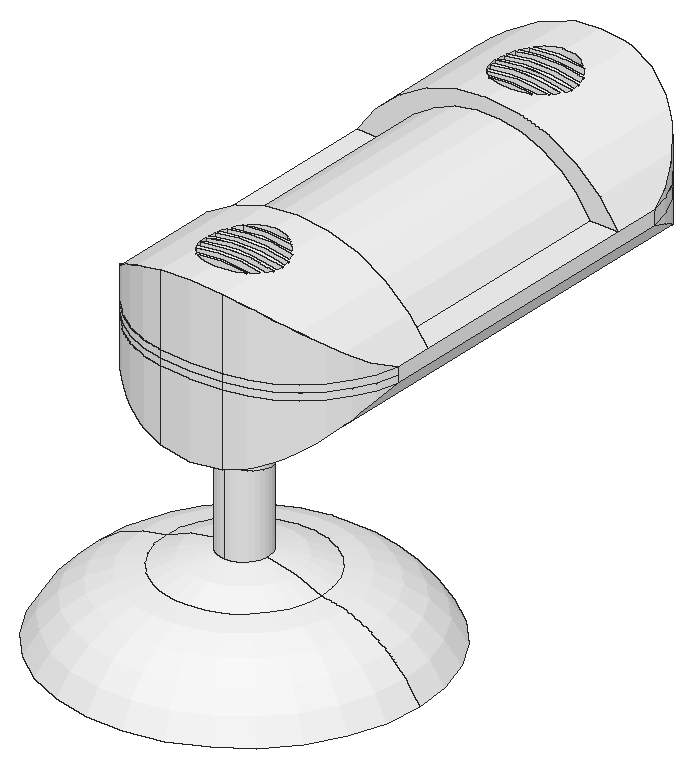
Revit family "3459A.1_NX_Wall_Mount_Occupancy_Sensors", category Communication Devices, host Face, Revit 2014
Parameters (values of type "NXOS")
  Warranty = "5-Years Warranty"  # constant formula
  Type Comments = "Wall Mount Occupancy Sensors\r"  # constant formula
  Product Page URL = "https://www.hubbell.com/hubbellcontrolsolutions/en/Products/Lighting-Controls/Lighting-Controls-Sensors/NX-Distributed-Intelligence-Lighting-Controls/NX-OccupancyVacancy-Sensors/p/220947"
  Product Documentation Link = "https://hubbellcdn.com/specsheet/3459A.1_NX_Wall_Mount_Occupancy_Sensors_Specification_Sheet.pdf"
  URL = "https://www.hubbell.com/hubbellcontrolsolutions/en"
  Power Requirements = "Powered by NX Room Controller using plenum rated CAT5 cables (ordered separately)"
  Patents = "U.S. Patents: 615129, 5946209, 5699243, 5640143, 6078253, D404326, 6222191, 5986357, 6759954\r\nPatent(s) Pending"
  Model = "NX Ceiling Mount Occupancy Sensors employ Passive Infrared\r\nand Ultrasonic sensing technologies to turn lighting on and off based\r\non occupancy"  # constant formula
  Manufacturer = "Hubbell Control Solutions"  # constant formula
  Sensing Element = Metal-Hubbell-Nickel
  Feartures = "• IntelliDAPT self-adaptive technology – no manual adjustment required\r\n• Occupancy or vacancy operation selectable per load when used with the\r\nNX Room Controller\r\n• All-digital sensor\r\n• Non-volatile memory for sensor settings\r\n• 500 to 2,500 square-foot coverage area (based on model)\r\n• Plug and play integration with NX Room Controller\r\n• UL and cUL listed\r\n• Low voltage device: 24 VDC"  # constant formula
  Description = "key component in a NX Network Lighting Control System, providing programmable switching and dimming control of the projects lighting circuits"  # constant formula
  Default Elevation = 48.00"
  Copyright = "Copyright © 2021 Hubbell Control Solutions"  # constant formula
  Contact Us = "https://www.hubbell.com/hubbellcontrolsolutions/en/contactUs?productId=220947"
  Housing Material = Paint - Hubbell - Matte White
  Certifications = "UL and cUL listed"
  Assembly Code = "D5090"
Reference planes (in)
  plane 1 "Center (Front/Back)": y = 11.68155
  plane 2: z = 0
  plane 3 "Center (Left/Right)": x = 0
  plane 4: x = -1.41
  plane 5: x = 1.41
  plane 6: z = 3.72
  plane 7: through (0.87749, -180, 1.95871) normal (0.7071, 0, 0.7071)
  plane 8: y = 9.86155
  plane 9: y = 13.50155
Forms (in)
  Revolve 1, solid, material "Paint - Hubbell - Matte White" <- "Housing Material"
    sketch origin (0, 11.68155, 0) x (1, 0, 0) y (0, 0, 1)
      loop
        line (0, 0) -> (1.82999, 0)
        arc (1.82999, 0) -> (1.40849, 0.4728) -> (0.81222, 0.68649) r 1.28372
        arc (0.81222, 0.68649) -> (0.41744, 0.82505) -> (0, 0.85337) r 1.55552
        line (0, 0.85337) -> (0, 0)
      axis (0, 0.85337) -> (0, 0)
    angle from 0 to 360
  Sweep 2, solid, material "Paint - Hubbell - Matte White" <- "Housing Material"
    path origin (0, 0, 0) x (0, 1, 0) y (0, 0, 1)
      loop
        line (11.68155, 0.85427) -> (11.68155, 1.68006) -> (12.02357, 2.61976)
    profile origin (0, 11.68155, 1.26717) x (0, -1, 0) y (1, 0, 0)
      loop
        circle (0, 0) r 0.25
Dimensions and locks (in)
  plane 4 to plane 5 = 2.82"
  plane 5 to plane 4 = 2.82"
  plane 6 to plane 2 = 3.72"
  aligned and locked: plane 2 to host face
  aligned and locked: level to host face
Nested families (in)
  nested 1: "Family1" at (0, 13.58283, 2.80957) x (-1, 0, 0) z (0, 0, 1), type "Family1"
Connectors (in)
  electrical at (0, 11.68155, 0)
    settings: on Revolve 1, index 1, voltage 0 V, apparent load 0 VA, apparent load phase1 0 VA, apparent load phase2 0 VA, apparent load phase3 0 VA, power factor 1, load classification "Other", number of poles 1, system type 13, power factor state 1, is connector primary yes, connector utility no, sub classification motor no, connector description "Wall Mount Occupancy Sensors"
Definition of nested family "Family1"
  Parameters (values of type "Family1")
    housing = Paint - Hubbell - Matte White
    Sensing material = Paint - Hubbell - Textured Camera Black
  Reference planes (in)
    plane 1 "Center (Front/Back)": y = 0
    plane 2: z = 0
    plane 3 "Center (Left/Right)": x = 0
    plane 4: x = -1.365
    plane 5: x = 1.365
    plane 6: y = 2.74
    plane 7: y = -2.74
    plane 8: z = 0.93
    plane 9: z = -0.93
  Forms (in)
    Extrusion 1, solid
      sketch origin (0, 0, 0) x (1, 0, 0) y (0, 1, 0)
        loop
          arc (-1.365, -1.74827) -> (-1.00674, -2.41289) -> (-0.32626, -2.74) r 1.22166
          arc (-0.32626, -2.74) -> (0, -2.76592) -> (0.32626, -2.74) r 2.06591
          arc (0.32626, -2.74) -> (1.00674, -2.41289) -> (1.365, -1.74827) r 1.22166
          line (1.365, -1.74827) -> (1.365, 1.73264)
          arc (1.365, 1.73264) -> (1.00674, 2.39726) -> (0.32626, 2.72437) r 1.22166
          arc (0.32626, 2.72437) -> (0, 2.7503) -> (-0.32626, 2.72437) r 2.06591
          arc (-0.32626, 2.72437) -> (-1.00674, 2.39726) -> (-1.365, 1.73264) r 1.22166
          line (-1.365, 1.73264) -> (-1.365, -1.74827)
      from -0.075 to 0.075
    Sweep 2, solid, material "Paint - Hubbell - Matte White" <- "housing"
      path origin (0, 0, 0) x (1, 0, 0) y (0, 1, 0)
        loop
          line (0, 2.75) -> (0, -2.75)
      profile origin (0, 0, 0) x (1, 0, 0) y (0, 0, 1)
        loop
          line (-1.365, 0.075) -> (1.365, 0.075)
          arc (1.365, 0.075) -> (0, 0.8515) -> (-1.365, 0.075) r 1.58801
    Extrusion 3, void
      sketch origin (0, 0, 0) x (1, 0, 0) y (0, 1, 0)
        loop
          line (-1.365, -1.74827) -> (-1.365, -2.84375) -> (1.365, -2.84375) -> (1.365, -1.74827)
          arc (1.365, -1.74827) -> (1.00674, -2.41289) -> (0.32626, -2.74) r 1.22166
          arc (0.32626, -2.74) -> (0, -2.76592) -> (-0.32626, -2.74) r 2.06591
          arc (-0.32626, -2.74) -> (-1.00674, -2.41289) -> (-1.365, -1.74827) r 1.22166
        loop
          arc (-1.365, 1.59202) -> (-1.00674, 2.25664) -> (-0.32626, 2.58375) r 1.22166
          arc (-0.32626, 2.58375) -> (0, 2.60967) -> (0.32626, 2.58375) r 2.06591
          arc (0.32626, 2.58375) -> (1.00674, 2.25664) -> (1.365, 1.59202) r 1.22166
          line (1.365, 1.59202) -> (1.365, 2.84375) -> (-1.365, 2.84375) -> (-1.365, 1.59202)
      from -0.93 to 0.93
    Extrusion 4, solid, material "Paint - Hubbell - Matte White" <- "housing"
      sketch origin (0, 0, 0) x (0, -1, 0) y (1, 0, 0)
        loop
          arc (1.74827, -1.365) -> (2.41289, -1.00674) -> (2.74, -0.32626) r 1.22166
          arc (2.74, -0.32626) -> (2.76592, 0) -> (2.74, 0.32626) r 2.06591
          arc (2.74, 0.32626) -> (2.41289, 1.00674) -> (1.74827, 1.365) r 1.22166
          line (1.74827, 1.365) -> (-1.73264, 1.365)
          arc (-1.73264, 1.365) -> (-2.39726, 1.00674) -> (-2.72437, 0.32626) r 1.22166
          arc (-2.72437, 0.32626) -> (-2.7503, 0) -> (-2.72437, -0.32626) r 2.06591
          arc (-2.72437, -0.32626) -> (-2.39726, -1.00674) -> (-1.73264, -1.365) r 1.22166
          line (-1.73264, -1.365) -> (1.74827, -1.365)
      from -0.075 to 0.075
    Sweep 5, solid, material "Paint - Hubbell - Matte White" <- "housing"
      path origin (0, 0, 0.075) x (0, -1, 0) y (1, 0, 0)
        loop
          line (-2.75, 0) -> (2.75, 0)
      profile origin (0, 0, 0.075) x (1, 0, 0) y (0, 0, 1)
        loop
          arc (-1.365, -0.15) -> (0, -0.9265) -> (1.365, -0.15) r 1.58801
          line (1.365, -0.15) -> (-1.365, -0.15)
    Extrusion 6, void
      sketch origin (0, 0, 0) x (0, -1, 0) y (1, 0, 0)
        loop
          line (1.74827, -1.365) -> (2.84375, -1.365) -> (2.84375, 1.365) -> (1.74827, 1.365)
          arc (1.74827, 1.365) -> (2.41289, 1.00674) -> (2.74, 0.32626) r 1.22166
          arc (2.74, 0.32626) -> (2.76592, 0) -> (2.74, -0.32626) r 2.06591
          arc (2.74, -0.32626) -> (2.41289, -1.00674) -> (1.74827, -1.365) r 1.22166
        loop
          arc (-1.59202, -1.365) -> (-2.25664, -1.00674) -> (-2.58375, -0.32626) r 1.22166
          arc (-2.58375, -0.32626) -> (-2.60967, 0) -> (-2.58375, 0.32626) r 2.06591
          arc (-2.58375, 0.32626) -> (-2.25664, 1.00674) -> (-1.59202, 1.365) r 1.22166
          line (-1.59202, 1.365) -> (-2.84375, 1.365) -> (-2.84375, -1.365) -> (-1.59202, -1.365)
      from 0 to 2.51239
    Sweep 7, void
      path origin (0, 0.21875, 0) x (1, 0, 0) y (0, 1, 0)
        loop
          line (0, 1) -> (0, -1.5)
      profile origin (0, -0.03125, 0) x (1, 0, 0) y (0, 0, 1)
        loop
          line (-1.365, 0.075) -> (-1.06382, 0.075)
          arc (-1.06382, 0.075) -> (0, 0.69868) -> (1.06382, 0.075) r 1.21913
          line (1.06382, 0.075) -> (1.365, 0.075)
          arc (1.365, 0.075) -> (0, 0.8515) -> (-1.365, 0.075) r 1.58801
    Extrusion 8, void
      sketch origin (0, 0, 0) x (1, 0, 0) y (0, 1, 0)
        loop
          line (-0.2626, 2.20128) -> (0.2626, 2.20128)
          arc (0.2626, 2.20128) -> (0, 2.29997) -> (-0.2626, 2.20128) r 0.39869
        loop
          arc (-0.29067, 2.17416) -> (-0.31897, 2.14048) -> (-0.34338, 2.10388) r 0.39869
          line (-0.34338, 2.10388) -> (0.34338, 2.10388)
          arc (0.34338, 2.10388) -> (0.31897, 2.14048) -> (0.29067, 2.17416) r 0.39869
          line (0.29067, 2.17416) -> (-0.29067, 2.17416)
        loop
          arc (-0.35988, 2.07286) -> (-0.3744, 2.03832) -> (-0.38561, 2.00258) r 0.39869
          line (-0.38561, 2.00258) -> (0.38561, 2.00258)
          arc (0.38561, 2.00258) -> (0.3744, 2.03832) -> (0.35988, 2.07286) r 0.39869
          line (0.35988, 2.07286) -> (-0.35988, 2.07286)
        loop
          arc (-0.39245, 1.97156) -> (-0.39713, 1.93656) -> (-0.39869, 1.90128) r 0.39869
          line (-0.39869, 1.90128) -> (0.39869, 1.90128)
          arc (0.39869, 1.90128) -> (0.39713, 1.93656) -> (0.39245, 1.97156) r 0.39869
          line (0.39245, 1.97156) -> (-0.39245, 1.97156)
        loop
          arc (-0.39748, 1.87025) -> (-0.39356, 1.8375) -> (-0.38694, 1.80518) r 0.39869
          line (-0.38694, 1.80518) -> (0.38694, 1.80518)
          arc (0.38694, 1.80518) -> (0.39356, 1.8375) -> (0.39748, 1.87025) r 0.39869
          line (0.39748, 1.87025) -> (-0.39748, 1.87025)
        loop
          arc (-0.37788, 1.77416) -> (-0.36291, 1.7362) -> (-0.34414, 1.69998) r 0.39869
          line (-0.34414, 1.69998) -> (0.34414, 1.69998)
          arc (0.34414, 1.69998) -> (0.36291, 1.7362) -> (0.37788, 1.77416) r 0.39869
          line (0.37788, 1.77416) -> (-0.37788, 1.77416)
        loop
          arc (-0.32677, 1.67286) -> (-0.29552, 1.63365) -> (-0.25959, 1.59867) r 0.39869
          line (-0.25959, 1.59867) -> (0.25959, 1.59867)
          arc (0.25959, 1.59867) -> (0.29552, 1.63365) -> (0.32677, 1.67286) r 0.39869
          line (0.32677, 1.67286) -> (-0.32677, 1.67286)
        loop
          arc (-0.22414, 1.57156) -> (0, 1.50259) -> (0.22414, 1.57156) r 0.39869
          line (0.22414, 1.57156) -> (-0.22414, 1.57156)
        loop
          arc (-0.2626, -2.20128) -> (0, -2.29997) -> (0.2626, -2.20128) r 0.39869
          line (0.2626, -2.20128) -> (-0.2626, -2.20128)
        loop
          line (-0.29067, -2.17416) -> (0.29067, -2.17416)
          arc (0.29067, -2.17416) -> (0.31897, -2.14048) -> (0.34338, -2.10388) r 0.39869
          line (0.34338, -2.10388) -> (-0.34338, -2.10388)
          arc (-0.34338, -2.10388) -> (-0.31897, -2.14048) -> (-0.29067, -2.17416) r 0.39869
        loop
          line (-0.35988, -2.07286) -> (0.35988, -2.07286)
          arc (0.35988, -2.07286) -> (0.3744, -2.03832) -> (0.38561, -2.00258) r 0.39869
          line (0.38561, -2.00258) -> (-0.38561, -2.00258)
          arc (-0.38561, -2.00258) -> (-0.3744, -2.03832) -> (-0.35988, -2.07286) r 0.39869
        loop
          line (-0.39245, -1.97156) -> (0.39245, -1.97156)
          arc (0.39245, -1.97156) -> (0.39713, -1.93656) -> (0.39869, -1.90128) r 0.39869
          line (0.39869, -1.90128) -> (-0.39869, -1.90128)
          arc (-0.39869, -1.90128) -> (-0.39713, -1.93656) -> (-0.39245, -1.97156) r 0.39869
        loop
          line (-0.39748, -1.87025) -> (0.39748, -1.87025)
          arc (0.39748, -1.87025) -> (0.39356, -1.8375) -> (0.38694, -1.80518) r 0.39869
          line (0.38694, -1.80518) -> (-0.38694, -1.80518)
          arc (-0.38694, -1.80518) -> (-0.39356, -1.8375) -> (-0.39748, -1.87025) r 0.39869
        loop
          line (-0.37788, -1.77416) -> (0.37788, -1.77416)
          arc (0.37788, -1.77416) -> (0.36291, -1.7362) -> (0.34414, -1.69998) r 0.39869
          line (0.34414, -1.69998) -> (-0.34414, -1.69998)
          arc (-0.34414, -1.69998) -> (-0.36291, -1.7362) -> (-0.37788, -1.77416) r 0.39869
        loop
          line (-0.32677, -1.67286) -> (0.32677, -1.67286)
          arc (0.32677, -1.67286) -> (0.29552, -1.63365) -> (0.25959, -1.59867) r 0.39869
          line (0.25959, -1.59867) -> (-0.25959, -1.59867)
          arc (-0.25959, -1.59867) -> (-0.29552, -1.63365) -> (-0.32677, -1.67286) r 0.39869
        loop
          line (-0.22414, -1.57156) -> (0.22414, -1.57156)
          arc (0.22414, -1.57156) -> (0, -1.50259) -> (-0.22414, -1.57156) r 0.39869
      from 0 to 1
    Extrusion 9, solid, material "Paint - Hubbell - Textured Camera Black" <- "Sensing material"
      sketch origin (0, 0, 0) x (1, 0, 0) y (0, 1, 0)
        loop
          circle (0, 1.90128) r 0.23395
        loop
          circle (0, -1.90258) r 0.23395
      from 0 to 0.52525
    Extrusion 10, void
      sketch origin (0, 0, 0) x (0, 1, 0) y (0, 0, 1)
        loop
          arc (0.27944, -0.93) -> (0.14952, -0.54931) -> (-0.21875, -0.3875) r 0.5
          line (-0.21875, -0.3875) -> (-2.76592, -0.3875) -> (-2.76592, -0.93) -> (0.27944, -0.93)
      from -2.72838 to 1
  Cuts and joins
    Extrusion 3, Extrusion 6, Sweep 7, Extrusion 8 cuts Extrusion 1
    Extrusion 3, Extrusion 6, Sweep 7, Extrusion 8 cuts Sweep 2
    Extrusion 3, Extrusion 6, Sweep 7, Extrusion 8 cuts Extrusion 4
    Extrusion 3, Extrusion 6, Extrusion 10 cuts Sweep 5
  Dimensions and locks (in)
    aligned and locked: plane 2 to level
    aligned and locked: cut or joined group of Extrusion 3, Sweep 5, Extrusion 6, Extrusion 10 to cut or joined group of Extrusion 3, Extrusion 4, Extrusion 6, Sweep 7, Extrusion 8
    aligned and locked: Extrusion 3 to plane 9
    aligned and locked: plane 8 to Extrusion 3
